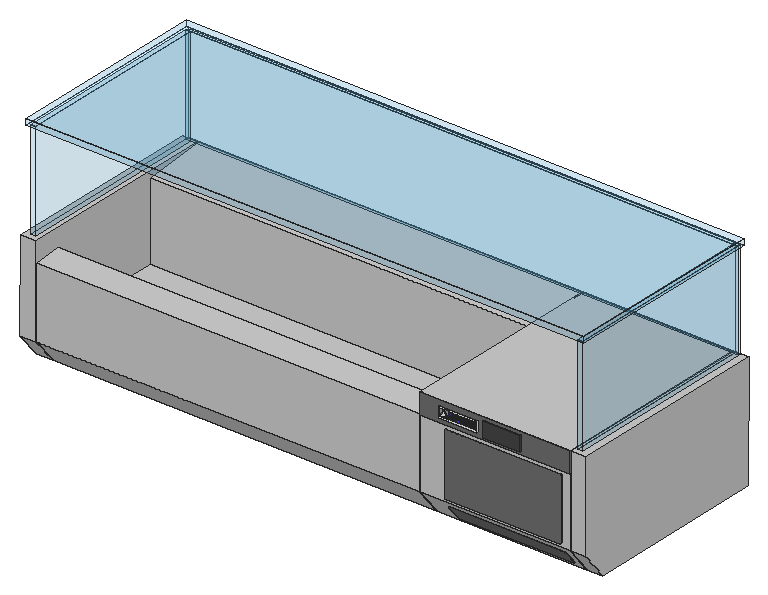
Revit family "Qf_Afinox_VRS1100V", category Specialty Equipment, Revit 2014
Parameters
  Show Logo [instance] = yes
  Show Clearance [instance] = yes
Reference planes
  plane 1 "Back": y = 0
  plane 2: z = 0
  plane 3 "Left": x = 0
  plane 4 "Right": x = 1100
  plane 5 "Front": y = -395
  plane 6 "Top": z = 225
Forms (mm)
  Extrusion 1, solid
    sketch origin (0, 0, 0) x (0, 1, 0) y (0, 0, 1)
      loop
        line (0, 225) -> (-118.091, 213.424) -> (-118.091, 63.424) -> (-342.706, 63.424) -> (-342.706, 191.405) -> (-395, 186.278) -> (-395, 50) -> (-354.511, 0) -> (0, 0) -> (0, 225)
    from 30 to 778
  Extrusion 2, solid
    sketch origin (0, 0, 0) x (0, 1, 0) y (0, 0, 1)
      loop
        line (0, 225) -> (-395, 225) -> (-395, 50) -> (-354.511, 0) -> (0, 0) -> (0, 225)
    from 0 to 30
  Extrusion 3, solid
    sketch origin (1070, 0, 0) x (0, 1, 0) y (0, 0, 1)
      loop
        line (0, 225) -> (-395, 225) -> (-395, 50) -> (-354.511, 0) -> (0, 0) -> (0, 225)
    from 0 to 30
  Extrusion 4, solid
    sketch origin (1040, 0, 0) x (0, 1, 0) y (0, 0, 1)
      loop
        line (0, 225) -> (-395, 225) -> (-395, 50) -> (-354.511, 0) -> (0, 0) -> (0, 225)
    from -262 to 30
  Extrusion 5, solid
    sketch origin (0, -394, -0.038) x (1, 0, 0) y (0, 0, 1)
      loop
        arc (829.65, 178.011) -> (827.352, 177.059) -> (826.4, 174.761) r 3.25
        line (826.4, 174.761) -> (826.4, 59.261)
        arc (826.4, 59.261) -> (827.352, 56.963) -> (829.65, 56.011) r 3.25
        line (829.65, 56.011) -> (1050.15, 56.011)
        arc (1050.15, 56.011) -> (1052.448, 56.963) -> (1053.4, 59.261) r 3.25
        line (1053.4, 59.261) -> (1053.4, 174.761)
        arc (1053.4, 174.761) -> (1052.448, 177.059) -> (1050.15, 178.011) r 3.25
        line (1050.15, 178.011) -> (829.65, 178.011)
    from 0 to 2
  Extrusion 6, solid
    sketch origin (0, -273.564, -98.372) x (1, 0, 0) y (0, -0.62932, 0.777146)
      loop
        arc (829.65, 178.011) -> (827.352, 177.059) -> (826.4, 174.761) r 3.25
        line (826.4, 174.761) -> (826.4, 141.843)
        arc (826.4, 141.843) -> (827.352, 139.544) -> (829.65, 138.593) r 3.25
        line (829.65, 138.593) -> (1050.15, 138.593)
        arc (1050.15, 138.593) -> (1052.448, 139.544) -> (1053.4, 141.843) r 3.25
        line (1053.4, 141.843) -> (1053.4, 174.761)
        arc (1053.4, 174.761) -> (1052.448, 177.059) -> (1050.15, 178.011) r 3.25
        line (1050.15, 178.011) -> (829.65, 178.011)
    from 0 to 2
  Extrusion 7, solid
    sketch origin (-7.665, -397, -1.215) x (1, 0, 0) y (0, 0, 1)
      loop
        line (912.065, 221.354) -> (912.065, 192.354) -> (983.065, 192.354) -> (983.065, 221.354) -> (912.065, 221.354)
    from 0 to 3
  Extrusion 8, solid, visible <- "Show Logo"
    sketch origin (637.556, -397, -384.108) x (1, 0, 0) y (0, 0, 1)
      loop
        line (179.287, 599.596) -> (179.287, 579.899) -> (254.287, 579.899) -> (254.287, 599.596) -> (179.287, 599.596)
      loop
        line (199.226, 597.323) -> (199.226, 582.172) -> (253.014, 582.172) -> (253.014, 597.323) -> (199.226, 597.323)
      loop
        line (180.287, 597.323) -> (180.287, 582.172) -> (198.848, 582.172) -> (198.848, 597.323) -> (180.287, 597.323)
    from 0 to 2
  Extrusion 9, solid, visible <- "Show Logo"
    sketch origin (-155.47, -397, -622.718) x (1, 0, 0) y (0, 0, 1)
      loop
        arc (994.034, 825.04) -> (994.842, 823.416) -> (996.479, 824.198) r 1.293
        line (996.479, 824.198) -> (996.958, 825.22) -> (1000.192, 825.22) -> (1000.6, 824.198)
        arc (1000.6, 824.198) -> (1002.252, 823.366) -> (1003.039, 825.04) r 1.291
        line (1003.039, 825.04) -> (999.801, 832.415)
        arc (999.801, 832.415) -> (998.57, 833.402) -> (997.337, 832.418) r 1.263
        line (997.337, 832.418) -> (994.034, 825.04)
      loop
        line (999.576, 827.427) -> (998.603, 829.738) -> (997.631, 827.445) -> (999.576, 827.427)
      loop
        line (1004.344, 832.421) -> (1004.344, 824.556)
        arc (1004.344, 824.556) -> (1005.631, 823.448) -> (1006.918, 824.556) r 1.302
        line (1006.918, 824.556) -> (1006.918, 827.178) -> (1010.126, 827.178)
        arc (1010.126, 827.178) -> (1011.3, 828.493) -> (1010.126, 829.808) r 1.323
        line (1010.126, 829.808) -> (1006.918, 829.808) -> (1006.918, 830.954) -> (1010.126, 830.954)
        arc (1010.126, 830.954) -> (1011.264, 832.233) -> (1010.126, 833.511) r 1.287
        line (1010.126, 833.511) -> (1005.326, 833.511)
        arc (1005.326, 833.511) -> (1004.652, 833.13) -> (1004.344, 832.421) r 1.22
      loop
        line (1012.593, 832.457) -> (1012.593, 824.488)
        arc (1012.593, 824.488) -> (1013.928, 823.343) -> (1015.262, 824.488) r 1.35
        line (1015.262, 824.488) -> (1015.262, 832.457)
        arc (1015.262, 832.457) -> (1013.928, 833.516) -> (1012.593, 832.457) r 1.37
      loop
        arc (1019.372, 832.457) -> (1018.038, 833.516) -> (1016.703, 832.457) r 1.37
        line (1016.703, 832.457) -> (1016.703, 824.488)
        arc (1016.703, 824.488) -> (1018.038, 823.343) -> (1019.372, 824.488) r 1.35
        line (1019.372, 824.488) -> (1019.372, 828.473) -> (1022.448, 824.488)
        arc (1022.448, 824.488) -> (1023.783, 823.343) -> (1025.118, 824.488) r 1.35
        line (1025.118, 824.488) -> (1025.118, 832.457)
        arc (1025.118, 832.457) -> (1023.783, 833.516) -> (1022.448, 832.457) r 1.37
        line (1022.448, 832.457) -> (1022.448, 828.473) -> (1019.372, 832.457)
      loop
        circle (1031.159, 828.429) r 5.095
      loop
        circle (1031.159, 828.429) r 2.733
      loop
        line (1036.425, 831.5) -> (1038.763, 828.375) -> (1036.365, 825.267)
        arc (1036.365, 825.267) -> (1036.712, 823.621) -> (1038.393, 823.703) r 1.296
        line (1038.393, 823.703) -> (1040.42, 826.313) -> (1042.28, 823.703)
        arc (1042.28, 823.703) -> (1043.993, 823.58) -> (1044.434, 825.238) r 1.346
        line (1044.434, 825.238) -> (1042.048, 828.408) -> (1044.37, 831.408)
        arc (1044.37, 831.408) -> (1044.07, 833.196) -> (1042.269, 832.987) r 1.316
        line (1042.269, 832.987) -> (1040.366, 830.453) -> (1038.502, 833.054)
        arc (1038.502, 833.054) -> (1036.78, 833.19) -> (1036.425, 831.5) r 1.308
      loop
        line (1046.04, 835.933) -> (992.253, 835.933) -> (992.253, 820.782) -> (1046.04, 820.782) -> (1046.04, 835.933)
    from 0 to 2
  Extrusion 10, solid, visible <- "Show Logo"
    sketch origin (-162.598, -397, -442.664) x (1, 0, 0) y (0, 0, 1)
      loop
        line (980.441, 655.879) -> (980.441, 640.728) -> (999.001, 640.728) -> (999.001, 655.879) -> (980.441, 655.879)
      loop
        arc (982.146, 642.435) -> (982.404, 641.667) -> (983.211, 641.586) r 0.747
        line (983.211, 641.586) -> (989.781, 644.576) -> (996.334, 641.6)
        arc (996.334, 641.6) -> (997.088, 641.702) -> (997.296, 642.435) r 0.695
        line (997.296, 642.435) -> (990.231, 654.688)
        arc (990.231, 654.688) -> (989.721, 654.992) -> (989.211, 654.688) r 0.58
        line (989.211, 654.688) -> (982.146, 642.435)
    from 0 to 2
  Extrusion 11, solid, visible <- "Show Logo"
    sketch origin (-196.886, -397, -392.26) x (1, 0, 0) y (0, 0, 1)
      loop
        arc (1016.435, 592.031) -> (1016.693, 591.262) -> (1017.5, 591.182) r 0.747
        line (1017.5, 591.182) -> (1024.07, 594.172) -> (1030.623, 591.195)
        arc (1030.623, 591.195) -> (1031.377, 591.298) -> (1031.584, 592.031) r 0.695
        line (1031.584, 592.031) -> (1024.52, 604.283)
        arc (1024.52, 604.283) -> (1024.01, 604.588) -> (1023.5, 604.283) r 0.58
        line (1023.5, 604.283) -> (1016.435, 592.031)
      loop
        arc (1035.45, 594.582) -> (1036.258, 592.958) -> (1037.895, 593.739) r 1.293
        line (1037.895, 593.739) -> (1038.374, 594.762) -> (1041.608, 594.762) -> (1042.016, 593.739)
        arc (1042.016, 593.739) -> (1043.668, 592.908) -> (1044.455, 594.582) r 1.291
        line (1044.455, 594.582) -> (1041.218, 601.957)
        arc (1041.218, 601.957) -> (1039.986, 602.943) -> (1038.753, 601.959) r 1.263
        line (1038.753, 601.959) -> (1035.45, 594.582)
      loop
        line (1040.992, 596.969) -> (1040.02, 599.279) -> (1039.047, 596.987) -> (1040.992, 596.969)
      loop
        arc (1045.76, 594.097) -> (1047.047, 592.99) -> (1048.334, 594.097) r 1.302
        line (1048.334, 594.097) -> (1048.334, 596.72) -> (1051.542, 596.72)
        arc (1051.542, 596.72) -> (1052.716, 598.035) -> (1051.542, 599.35) r 1.323
        line (1051.542, 599.35) -> (1048.334, 599.35) -> (1048.334, 600.496) -> (1051.542, 600.496)
        arc (1051.542, 600.496) -> (1052.681, 601.774) -> (1051.542, 603.052) r 1.287
        line (1051.542, 603.052) -> (1046.742, 603.052)
        arc (1046.742, 603.052) -> (1046.069, 602.672) -> (1045.76, 601.962) r 1.22
        line (1045.76, 601.962) -> (1045.76, 594.097)
      loop
        arc (1054.01, 594.029) -> (1055.344, 592.884) -> (1056.679, 594.029) r 1.35
        line (1056.679, 594.029) -> (1056.679, 601.999)
        arc (1056.679, 601.999) -> (1055.344, 603.058) -> (1054.01, 601.999) r 1.37
        line (1054.01, 601.999) -> (1054.01, 594.029)
      loop
        arc (1058.12, 594.029) -> (1059.454, 592.884) -> (1060.789, 594.029) r 1.35
        line (1060.789, 594.029) -> (1060.789, 598.014) -> (1063.865, 594.029)
        arc (1063.865, 594.029) -> (1065.199, 592.884) -> (1066.534, 594.029) r 1.35
        line (1066.534, 594.029) -> (1066.534, 601.999)
        arc (1066.534, 601.999) -> (1065.199, 603.058) -> (1063.865, 601.999) r 1.37
        line (1063.865, 601.999) -> (1063.865, 598.014) -> (1060.789, 601.999)
        arc (1060.789, 601.999) -> (1059.454, 603.058) -> (1058.12, 601.999) r 1.37
        line (1058.12, 601.999) -> (1058.12, 594.029)
      loop
        circle (1072.575, 597.971) r 5.095
      loop
        circle (1072.575, 597.971) r 2.733
      loop
        line (1080.18, 597.917) -> (1077.782, 594.809)
        arc (1077.782, 594.809) -> (1078.129, 593.163) -> (1079.809, 593.245) r 1.296
        line (1079.809, 593.245) -> (1081.836, 595.854) -> (1083.697, 593.245)
        arc (1083.697, 593.245) -> (1085.409, 593.121) -> (1085.851, 594.78) r 1.346
        line (1085.851, 594.78) -> (1083.464, 597.949) -> (1085.787, 600.95)
        arc (1085.787, 600.95) -> (1085.486, 602.737) -> (1083.686, 602.528) r 1.316
        line (1083.686, 602.528) -> (1081.782, 599.994) -> (1079.918, 602.596)
        arc (1079.918, 602.596) -> (1078.197, 602.731) -> (1077.841, 601.041) r 1.308
        line (1077.841, 601.041) -> (1080.18, 597.917)
    from 0 to 2
  Extrusion 12, solid
    sketch origin (-134.065, -395, 3.646) x (1, 0, 0) y (0, 0, 1)
      loop
        line (912.065, 221.354) -> (912.065, 182.633) -> (1204.065, 182.633) -> (1204.065, 221.354) -> (912.065, 221.354)
    from 0 to 2
  Extrusion 13, solid
    sketch origin (0, -6.8, 0) x (1, 0, 0) y (0, 0, 1)
      loop
        circle (1050, 20) r 5
    from -17.6 to -6.8
  Extrusion 14, solid
    sketch origin (0, 0, 0) x (1, 0, 0) y (0, 0, 1)
      loop
        line (30, 13) -> (1070, 13) -> (1070, 186) -> (30, 186) -> (30, 13)
      loop
        circle (1050, 20) r 5
    from -10.8 to 0
  Extrusion 15, solid
    sketch origin (0, 0, 0) x (0, 1, 0) y (0, 0, 1)
      loop
        line (0, 428.598) -> (-391, 428.598) -> (-391, 416.598) -> (0, 416.598) -> (0, 428.598)
    from 7.5 to 1092.5
  Extrusion 16, solid
    sketch origin (0, 0, 0) x (0, 1, 0) y (0, 0, 1)
      loop
        line (-2, 416.598) -> (-8, 416.598) -> (-8, 225.598) -> (-2, 225.598) -> (-2, 416.598)
    from 12.5 to 1087.5
  Extrusion 17, solid
    sketch origin (0, 0, 0) x (1, 0, 0) y (0, 0, 1)
      loop
        line (12.5, 416.598) -> (12.5, 225) -> (22.5, 225) -> (22.5, 416.598) -> (12.5, 416.598)
    from 8 to 386
  Extrusion 18, solid
    sketch origin (0, 0, 0) x (1, 0, 0) y (0, 0, 1)
      loop
        line (1077.5, 416.598) -> (1077.5, 225.598) -> (1087.5, 225.598) -> (1087.5, 416.598) -> (1077.5, 416.598)
    from 2 to 386
Lines and regions (mm)
  symbolic lines, style "200-EquipBorder-2D"
    curve 1: line (0, 0, 0) -> (1100, 0, 0)
    curve 2: line (0, -395, 0) -> (0, 0, 0)
    curve 3: line (1100, -395, 0) -> (0, -395, 0)
    curve 4: line (1100, 0, 0) -> (1100, -395, 0)
    curve 5: line (30, 0, 0) -> (30, 10.8, 0)
    curve 6: line (30, 10.8, 0) -> (1070, 10.8, 0)
    curve 7: line (1070, 10.8, 0) -> (1070, 0, 0)
  symbolic lines, style "200-EquipInternal-2D"
    curve 8: line (12.5, -2, 0) -> (1092.5, -2, 0)
    curve 9: line (12.5, -391, 0) -> (12.5, -2, 0)
    curve 10: line (1092.5, -391, 0) -> (12.5, -391, 0)
    curve 11: line (1092.5, -2, 0) -> (1092.5, -391, 0)
    curve 12: line (778, -391, 0) -> (778, -395, 0)
    curve 13: line (1070, -391, 0) -> (1070, -395, 0)
    curve 14: line (30, -391, 0) -> (30, -395, 0)
Dimensions and locks
  plane 3 "Left" to plane 4 "Right" = 1100 mm
  plane 5 "Front" to plane 1 "Back" = 395 mm
  plane 6 "Top" to level = 225 mm
  aligned and locked: level to plane 2
Connectors
  electrical at (1050, 10.8, 20)
    settings: on Extrusion 13, index 1, voltage 0 V, apparent load 0 VA, apparent load phase1 0 VA, apparent load phase2 0 VA, apparent load phase3 0 VA, power factor 1, load classification "Other", number of poles 1, system type 31, power factor state 1, is connector primary yes, connector utility no, sub classification motor no, connector description "Electrical connection"
